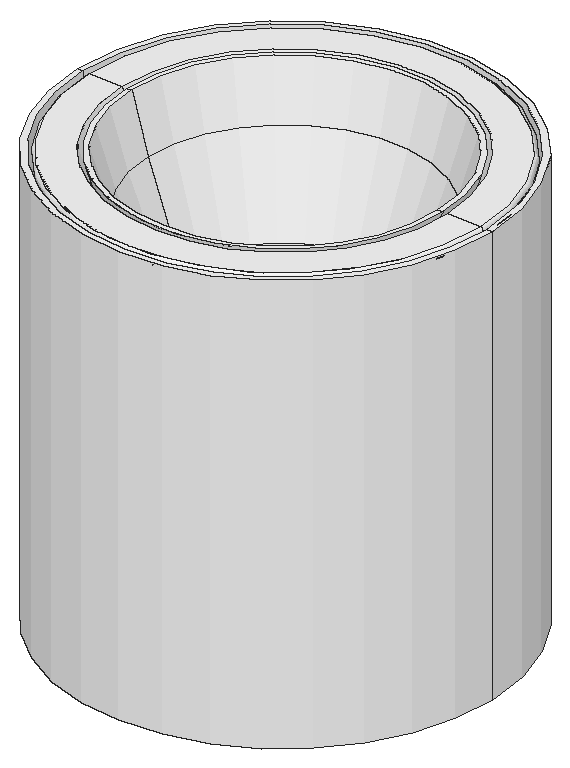
Revit family "Thorn Chalice 3 MSF 180", category Lighting Fixtures, host Face, Revit 2018
Family settings
  Host = Face
  Round Connector Dimension = Use Diameter
  Part Type = Normal
  Cut with Voids When Loaded = No
  Light Source = Yes
  Shared = No
  Room Calculation Point = No
Parameters (values of type "CHAL3 150 2000-840 HFIX RMB")
  Width = 172 mm
  Web Link to Docs = "http://www.thornlighting.com/en"
  Wattage Comments = ""
  Wattage = 20.6857 W
  Warrenty = ""
  built-in parameter 1150110 = 1 (stored number, unit not read)
  built-in parameter 1114217 = 1 (stored number, unit not read)
  Tilt Angle = -90.00°
  built-in parameter 1150109 = 1 (stored number, unit not read)
  built-in parameter 1150134 = 12
  built-in parameter 1150113 = 1 (stored number, unit not read)
  Supply Circuit Connections = ""
  Special Considerations = ""
  Spares List = "http://www.thornlighting.com/en/contact-us/offices"
  Sap Code = "92989222"
  Rating = "16.5"
  Power Factor = 0.93
  Placement Type = "Ceiling"
  Photometric Web File = "92989222_(STD).IES"
  Phase Ref = ""
  Omniclass / Uniclass = ""
  No of Sources = 1
  No of Lamps = 1
  Mounting Type = "Recessed"
  Mass = "0.69"
  Manufacturer = "Thorn Lighting"
  built-in parameter 1150105 = 172.84 (stored number, unit not read)
  Lumens = 2172 lm
  built-in parameter 1150115 = 1 (stored number, unit not read)
  built-in parameter 1150137 = (empty or 0)
  built-in parameter 1150139 = (empty or 0)
  Length = 172 mm
  Lamp Type = "LED"
  built-in parameter 1150112 = 1 (stored number, unit not read)
  Lamp Position = "std"
  built-in parameter 1150114 = 1 (stored number, unit not read)
  Lamp = "LED"
  built-in parameter 1150132 = 2
  built-in parameter 1150102 = (empty or 0)
  built-in parameter 1150107 = 4000 (stored number, unit not read)
  built-in parameter 1150138 = (empty or 0)
  built-in parameter 1150106 = 1.7284 (stored number, unit not read)
  IP Rating = "IP20 / IP54"
  IK Rating = "IK09"
  Hz = 50 Hz
  Height = 94 mm
  F Marking = ""
  Emit from Circle Diameter = 100 mm
  Emit Shape Visible in Rendering = no
  built-in parameter 1150104 = 9.7548 (stored number, unit not read)
  Earthing Class = "1"
  Earth Present = yes
  Dimming Lamp Color Temperature Shift = <None>
  Dim Details = "DALI2 standby power 0.2W"
  Default Elevation = 1219.2 mm
  Cost = 0
  Color Filter = 16777215
  Circuit Watts = 16.3 W
  CAD Model Ref Link = "http://www.thornlighting.com/en"
  Body [instance] = Zumtobel_Metal_White
  Batch Ref = ""
  Ballast Type = ""
  built-in parameter 1114218 = 1 (stored number, unit not read)
  built-in parameter 1150133 = 10 (stored number, unit not read)
  Assembly Place = ""
  Aquisition date = ""
  Apparent Load = Circuit Watts / Power Factor  # 17.5269 VA
Types (2, lengths in mm): name | Wattage | Sap Code | Rating | Photometric Web File | Mass | built-in parameter 1150105 | Lumens | built-in parameter 1150106 | IP Rating | IK Rating | Circuit Watts | Apparent Load
  CHAL3 150 2000-840 HFIX RMB | 20.6857 W | "92989222" | "16.5" | "92989222_(STD).IES" | "0.69" | 172.84 (stored number, unit not read) | 2172 lm | 1.7284 (stored number, unit not read) | "IP20 / IP54" | "IK09" | 16.3 W | 17.5269 VA
  CHAL3 150 2000-840 HFIX RSB | 19.4286 W | "92994987" | "16.9" | "92989216_(STD).IES" | "2.67" | 162.34 (stored number, unit not read) | 2040 lm | 1.6234 (stored number, unit not read) | "IP43" | "IK06" | 16.9 W | 18.172 VA
Reference planes
  plane 1 "Centre (Front/Back)": y = 0
  plane 2: z = 0
  plane 3 "Centre (Left/Right)": x = 0
  plane 4: x = -90
  plane 5: x = 90
  plane 6: z = 182
  plane 7 "Surface": z = 0
Forms (mm)
  Revolve 1, solid, material "Zumtobel_Metal_White" <- "Body"
    sketch origin (0, 0, 177.418) x (1, 0, 0) y (0, 0, 1)
      loop
        line (-66.403, 4.582) -> (-68.477, 4.582)
        arc (-68.477, 4.582) -> (-65.027, -7.439) -> (-61.31, -19.38) r 564.338
        arc (-61.31, -19.38) -> (-54.411, -39.307) -> (-46.624, -58.906) r 470.431
        line (-46.624, -58.906) -> (0, -58.906) -> (0, -56.906) -> (-45.297, -56.906)
        arc (-45.297, -56.906) -> (-52.766, -37.989) -> (-59.407, -18.766) r 468.431
        arc (-59.407, -18.766) -> (-63.031, -7.13) -> (-66.403, 4.582) r 562.338
      axis (0, 4.582) -> (0, -58.906)
    angle from 0 to 360
  Revolve 2, solid, material "Zumtobel_Metal_White" <- "Body"
    sketch origin (0, 0, 177.418) x (1, 0, 0) y (0, 0, 1)
      loop
        line (-70.569, 4.582) -> (-84.846, 4.582)
        arc (-84.846, 4.582) -> (-86, 2.084) -> (-84.203, 0) r 2.541
        line (-84.203, 0) -> (-72.128, 0) -> (-50.528, -60.935)
        arc (-50.528, -60.935) -> (-49.054, -62.731) -> (-46.831, -63.406) r 4.003
        line (-46.831, -63.406) -> (-41.391, -63.406) -> (-41.391, -61.413) -> (-47.176, -61.413) -> (-70.569, 4.582)
      axis (0, 4.582) -> (0, -63.406)
    angle from 0 to 360
  Revolve 3, solid
    sketch origin (0, 0, 177.418) x (0, 1, 0) y (0, 0, 1)
      loop
        line (45.247, -85.408) -> (49.522, -63.837) -> (46.945, -63.837)
        arc (46.945, -63.837) -> (44.952, -74.137) -> (42.919, -84.43) r 2761.785
        line (42.919, -84.43) -> (38.641, -91.837) -> (0, -91.837) -> (0, -94.337) -> (40.092, -94.337) -> (45.247, -85.408)
      axis (0, -63.837) -> (0, -94.337)
    angle from 0 to 360
  Revolve 4, solid, material "Zumtobel_Metal_White" <- "Body"
    sketch origin (0, 0, 0) x (1, 0, 0) y (0, 0, 1)
      loop
        line (-90, 182) -> (-90, 0) -> (0, 0) -> (0, 2.5) -> (-87.5, 2.5) -> (-87.5, 182) -> (-90, 182)
      axis (0, 0) -> (0, 182)
    angle from 0 to 360
Dimensions and locks
  equal spacing: plane 5, plane 3 "Centre (Left/Right)", plane 4
  plane 5 to plane 4 = 180 mm
  plane 6 to level = 182 mm
  aligned and locked: plane 2 to host face
  aligned and locked: level to host face
  aligned and locked: plane 3 "Centre (Left/Right)" to Revolve 4 sketch curve
  aligned and locked: Revolve 4 sketch curve to plane 4
  aligned and locked: Revolve 4 sketch curve to level
  aligned and locked: plane 6 to Revolve 4 sketch curve
  aligned and locked: level to plane 7 "Surface"
Automatic sketch dimensions
  host sketch curve to host sketch curve = 2438.4 mm  (x2)
  Revolve 1 sketch curve to Revolve 1 sketch curve = 0 mm  (x8)
  Revolve 1 sketch curve to plane 3 "Centre (Left/Right)" = 0 mm  (x2)
  plane 4 to Revolve 1 sketch curve = 44.703 mm
  Revolve 1 sketch curve to Revolve 1 sketch curve = 1.327 mm
  Revolve 1 sketch curve to Revolve 1 sketch curve = 89.078 mm
  level to Revolve 1 sketch curve = 118.513 mm
  Revolve 1 sketch curve to Revolve 1 sketch curve = 2 mm
  Revolve 1 sketch curve to Revolve 1 sketch curve = 29.741 mm
  Revolve 1 sketch curve to Revolve 1 sketch curve = 1.904 mm
  Revolve 1 sketch curve to level = 432.182 mm
  Revolve 1 sketch curve to Revolve 1 sketch curve = 2454.778 mm
  Revolve 2 sketch curve to plane 3 "Centre (Left/Right)" = 0 mm
  Revolve 2 sketch curve to plane 3 "Centre (Left/Right)" = 41.391 mm
  Revolve 2 sketch curve to Revolve 2 sketch curve = 5.785 mm
  Revolve 2 sketch curve to Revolve 2 sketch curve = 0.344 mm
  Revolve 2 sketch curve to Revolve 2 sketch curve = 0.346 mm
  plane 4 to Revolve 2 sketch curve = 19.431 mm
  Revolve 2 sketch curve to Revolve 2 sketch curve = 1.559 mm
  plane 4 to Revolve 2 sketch curve = 6.516 mm
  Revolve 2 sketch curve to Revolve 2 sketch curve = 0.719 mm
  Revolve 2 sketch curve to Revolve 2 sketch curve = 1.362 mm
  Revolve 2 sketch curve to Revolve 2 sketch curve = 1.993 mm
  Revolve 2 sketch curve to Revolve 2 sketch curve = 2.471 mm
  Revolve 2 sketch curve to Revolve 2 sketch curve = 2.011 mm
  Revolve 2 sketch curve to level = 432.182 mm
  Revolve 3 sketch curve to plane 1 "Centre (Front/Back)" = 0 mm  (x2)
  level to Revolve 3 sketch curve = 633.137 mm
  plane 1 "Centre (Front/Back)" to Revolve 3 sketch curve = 2665.53 mm
  level to Revolve 3 sketch curve = 85.581 mm
  Revolve 3 sketch curve to Revolve 3 sketch curve = 38.641 mm
  Revolve 3 sketch curve to Revolve 3 sketch curve = 1.451 mm
  level to Revolve 3 sketch curve = 92.988 mm
  Revolve 3 sketch curve to Revolve 3 sketch curve = 4.278 mm
  level to Revolve 3 sketch curve = 92.01 mm
  Revolve 3 sketch curve to Revolve 3 sketch curve = 2.327 mm
  Revolve 3 sketch curve to Revolve 3 sketch curve = 4.026 mm
  Revolve 3 sketch curve to Revolve 3 sketch curve = 2.577 mm
  Revolve 3 sketch curve to Revolve 3 sketch curve = 2.5 mm
  Revolve 3 sketch curve to level = 432.182 mm
  Revolve 3 sketch curve to Revolve 3 sketch curve = 2407.644 mm
  Revolve 4 sketch curve to plane 3 "Centre (Left/Right)" = 0 mm
  plane 4 to Revolve 4 sketch curve = 2.5 mm
  level to Revolve 4 sketch curve = 2.5 mm
  Revolve 4 sketch curve to Revolve 4 sketch curve = 75 mm
  plane 6 to Revolve 4 sketch curve = 15.5 mm
  Revolve 2 sketch curve to plane 6 = 0 mm
  Revolve 2 sketch curve to plane 6 = 4.582 mm
  plane 6 to Revolve 2 sketch curve = 2604.477 mm
  Revolve 2 sketch curve to plane 6 = 67.988 mm
  Revolve 1 sketch curve to plane 6 = 0 mm
  Revolve 1 sketch curve to Revolve 1 sketch curve = 21.105 mm
  Revolve 1 sketch curve to Revolve 1 sketch curve = 2.075 mm
  level to Revolve 1 sketch curve = 301.957 mm
Connectors
  electrical at (0, 0, 0), driven by "Power Factor", driven by "Circuit Watts"
    settings: index 1, voltage 230 V, apparent load 0 VA, apparent load phase1 16.3 VA, apparent load phase2 0 VA, apparent load phase3 0 VA, power factor 0.93, load classification "Sonstige", number of poles 1, system type 31, power factor state 1, is connector primary yes, connector utility no, sub classification motor no, connector description ""
